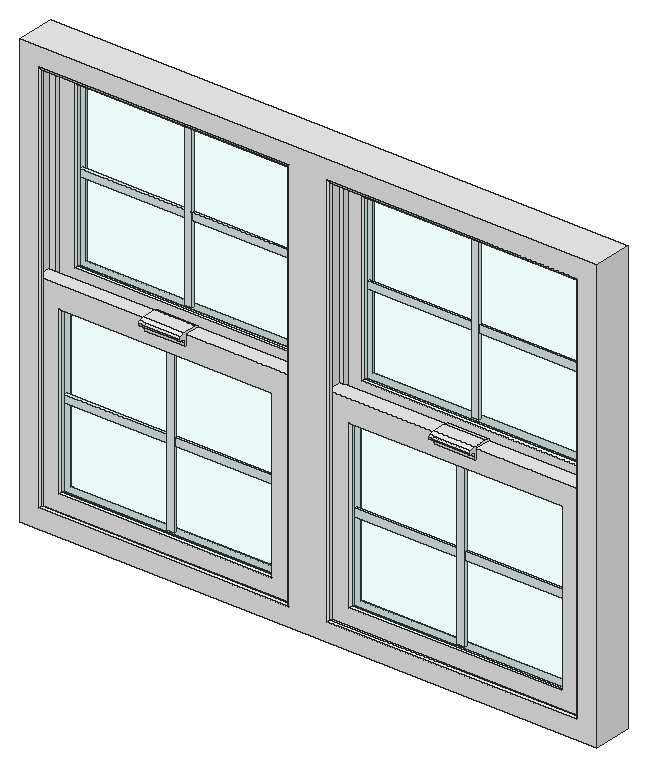
Revit family "Windows_Single-Hung_Milgard_Tuscany-Montecito-Series_Double-Single-Hung", category Windows, host Wall, Revit 2017
Family settings
  Host = Wall
  OmniClass Number = 23.30.20.17.17.11
  OmniClass Title = Single-Hung Windows
  Always vertical = Yes
  Cut with Voids When Loaded = No
  Shared = No
  Room Calculation Point = No
Parameters (values of type "48" x 36"")
  Youtube clip = "https://www.youtube.com/watch?v=kTycgURMhFo&list=PL_Ow8HQ0-gw77aRiTrPBSI0--vocwVnzV&index=1"
  Weight Net (Kg) = ""
  Uniformat II Description = "Exterior Windows"
  Uniformat II Code = "B2020"
  Uniclass 2015 Name = ""
  Uniclass 2015 Code = ""
  Uniclass 2.0 Description = ""
  Uniclass 2.0 Code = ""
  Uniclass 1.4 Description = ""
  Uniclass 1.4 Code = ""
  URL = "www.milgard.com"
  UNSPSC Code = ""
  U Values URL = "https://www.milgard.com/professionals/energy-calculator"
  Technical description = "https://www.milgard.com/professionals/technical-resources?doc_type%5B%5D=48"
  Style = "Double Single Hung"  # constant formula
  Solar Heat Gain Coefficient = 0.28
  Sash Division = Height / 2  # 18"
  Rough Width = Width + 1"  # 49"
  Rough Height = Height + 1"  # 37"
  Region South America = "None"
  Region Oceania = "None"
  Region North America = "CA, US"
  Region Middle East = "None"
  Region Europe = "None"
  Region Asia = "None"
  Region Antarctica = "None"
  Region Africa = "None"
  QR code = "http://bimobject.com/milgardwindowsanddoors/product/milgard-001"
  Product url = "http://www.milgard.com/windows/tuscany-series/tuscany-series-single-hung-window"
  Product group = "Tuscany??? Series"
  Product family = "Single-Hung Windows"
  Product data url = "https://bimobject.com/milgardwindowsanddoors/product/milgard-001"
  Product certification = "https://www.milgard.com/learn/why-milgard/sustainability"
  Product SKU = "milgard-001"
  Product Page URL = "https://www.milgard.com/windows/tuscany-series/tuscany-series-single-hung-window#series-styles--wrapper"
  Product Guid = "9f75bdfc-b521-4a0d-af9b-e80957409c86"
  Product Documentation Link = "https://www.milgard.com/professionals/technical-resources"
  OmniClass Description = "Windows"
  OmniClass Code = "23-17 13 00"
  Nominal width = 0"
  Nominal height = 0"
  NBS Reference Description = ""
  NBS Reference Code = ""
  Model = "Tuscany® Series"  # constant formula
  Material secondary = "Glass"
  Material main = "Vinyl"
  Masterformat 2014 Description = "Vinyl Windows"
  Masterformat 2014 Code = "08 53 13"
  Manufacturer name = "Milgard Windows and Doors"
  Manufacturer country = "United States"
  Manufacturer = "® 2017 Milgard Manufacturing, Inc."  # constant formula
  LEED Credit = ""
  Interior Frame Color [instance] = Paint-Milgard-White
  Installation instructions = "https://www.milgard.com/professionals/installation-finishing"
  IFC Classification = ""
  Height = 36"
  Has Grid [instance] = yes
  Hardware Color [instance] = Paint-Milgard-White
  Grid Type = Grid-Milgard : Flat
  Grid Color [instance] = Paint-Milgard-White
  Green Building LEED = "https://www.milgard.com/sites/default/files/leed.pdf"
  Glass Material [instance] = Glass-Milgard-P516
  Exterior Frame Color [instance] = Paint-Milgard-White
  Energy Star Zone = "https://www.milgard.com/learn/energy-efficient-windows/energy-star"
  Edition number = 1
  EAN code = ""
  Design country = "United States"
  Design Pressure = ""
  Description = "Vinyl Windows"  # constant formula
  Depth = 3 1/4"  # constant formula
  Default Sill Height = 36"
  Wall Closure = By host
  Width = 48"
  Date of publishing = "1/17/2017"
  COBIe Type Category = ""
  Brand url = "http://www.milgard.com/"
  BIMobject category = "Opening Hinge"
  Assembly Code = ""
  Analytic Construction = "<None>"
Types (3): name | Sash Division | Rough Width | Rough Height | Height | Width
  48" x 36" | 18" | 49" | 37" | 36" | 48"
  66" x 60" | 33" | 61" | 67" | 66" | 60"
  96" x 90" | 48" | 91" | 97" | 96" | 90"
Reference planes (in)
  plane 1 "Center (Front/Back)": y = 0
  plane 2: z = 0
  plane 3 "Center (Left/Right)": x = 0
  plane 4 "Left": x = -24
  plane 5 "Right": x = 24
  plane 6 "Sill": z = 36
  plane 7 "Top": z = 72
  plane 8: z = 54
  plane 9 "Interior": y = -1.625
  plane 10 "Exterior": y = 1.625
  plane 11: z = 52.75
  plane 12: x = 20.875
  plane 13 "Top Muntin": z = 68.875
  plane 14: z = 55.25
  plane 15 "Middle Mullion 2": x = 1.75
  plane 16 "Middle Mullion 1": x = -1.75
  plane 17 "Exterior Grid CL": y = 0.908
  plane 18 "Interior Grid CL": y = -0.743
  plane 19 "Bottom Muntin": z = 39.125
  plane 20: z = 70.779
  plane 21: z = 37.221
  plane 22: x = -20.875
  plane 23: x = -22.779
  plane 24: x = 22.779
  plane 25: x = 1.105
  plane 26: x = -1.105
  plane 27: z = 53.34619
  plane 28: z = 54.65381
Forms (in)
  Sweep 1, solid, material "Paint-Milgard-White" <- "Exterior Frame Color", detail levels medium+fine
    path origin (0, 0, 0) x (1, 0, 0) y (0, 0, 1)
      loop
        line (-24, 36) -> (24, 36) -> (24, 72) -> (-24, 72) -> (-24, 36)
    profile origin (-24, 0, 54) x (-1, 0, 0) y (0, -1, 0)
      loop
        line (-1.72, 1.38) -> (-1.1245, 1.38) -> (-1.1245, 0.025) -> (-1.72, 0.025) -> (-1.72, -0.27) -> (-1.095, -0.27) -> (-1.095, -0.97618) -> (-0.7204, -1.625) -> (0, -1.625) -> (0, 1.625) -> (-1.54679, 1.625) -> (-1.72, 1.525) -> (-1.72, 1.38)
  Extrusion 2, solid, material "Paint-Milgard-White" <- "Exterior Frame Color", detail levels medium+fine
    sketch origin (0, 0, 0) x (1, 0, 0) y (0, 1, 0)
      loop
        line (1.75, -1.38) -> (1.3745, -1.38) -> (1.3745, -0.10548) -> (1.75, -0.10548) -> (1.75, 0.27) -> (1.105, 0.27) -> (1.105, 1.05482) -> (0.7504, 1.625) -> (-0.7504, 1.625) -> (-1.105, 1.05482) -> (-1.105, 0.27) -> (-1.75, 0.27) -> (-1.75, -0.10548) -> (-1.3745, -0.10548) -> (-1.3745, -1.38) -> (-1.75, -1.38) -> (-1.75, -1.525) -> (-1.57679, -1.625) -> (1.57679, -1.625) -> (1.75, -1.525) -> (1.75, -1.38)
    from 36 to 72
  Sweep 3, solid, material "Paint-Milgard-White" <- "Exterior Frame Color", detail levels coarse
    path in 3D
      loop
        line (24, -1.625, 36) -> (-24, -1.625, 36)
    profile origin (0, -1.625, 36) x (0, -1, 0) y (0, 0, 1)
      loop
        line (-3.25, 0) -> (0, 0) -> (0, 1.221) -> (-3.25, 1.221) -> (-3.25, 0)
  Sweep 4, solid, material "Paint-Milgard-White" <- "Exterior Frame Color", detail levels coarse
    path in 3D
      loop
        line (-24, 1.625, 72) -> (24, 1.625, 72)
    profile origin (0, 1.625, 72) x (0, 1, 0) y (0, 0, 1)
      loop
        line (0, 0) -> (-3.25, 0) -> (-3.25, -1.221) -> (0, -1.221) -> (0, 0)
  Sweep 5, solid, material "Paint-Milgard-White" <- "Exterior Frame Color", detail levels coarse
    path in 3D
      loop
        line (0.7504, 1.625, 71.2796) -> (0.7504, 1.625, 36.7204)
    profile origin (0.7504, 1.625, 54) x (0, 1, 0) y (-1, 0, 0)
      loop
        line (0, -0.9996) -> (0, 2.5004) -> (-3.25, 2.5004) -> (-3.25, -0.9996) -> (0, -0.9996)
      loop
        line (-3.25, 24.7504) -> (-3.25, 21.6254) -> (0, 21.6254) -> (0, 24.7504) -> (-3.25, 24.7504)
      loop
        line (-3.25, -20.1246) -> (-3.25, -23.2496) -> (0, -23.2496) -> (0, -20.1246) -> (-3.25, -20.1246)
Cuts and joins
  joined: Sweep 1, Extrusion 2
  joined: Sweep 3, Sweep 4, Sweep 5
Lines and regions (in)
  Opening 1
    outline origin (-60, -1.625, 0) x (1, 0, 0) y (0, 0, 1)
      loop
        line (36, 72) -> (36, 36) -> (84, 36) -> (84, 72) -> (36, 72)
  Masking region 1
    outline origin (0, 1.1585, 36) x (0, -1, 0) y (1, 0, 0)
      loop
        line (-0.4665, -24) -> (2.7835, -24) -> (2.7835, 24) -> (-0.4665, 24) -> (-0.4665, -24)
  symbolic lines
    curve 1: line (-22.28, 1.625, 36) -> (-22.28, -1.625, 36)
    curve 2: line (22.28, 1.625, 36) -> (22.28, -1.625, 36)
    curve 9: line (-1.75, -1.625, 0) -> (-1.75, 1.625, 0)
    curve 10: line (1.75, -1.625, 0) -> (1.75, 1.625, 0)
    curve 12: line (-22.28, 0, 0) -> (-1.75, 0, 0)
    curve 16: line (1.75, 0, 0) -> (22.28, 0, 0)
  symbolic lines, detail levels medium+fine
    curve 3: line (-22.28, 1.44922, 36) -> (-1.75, 1.44922, 36)
    curve 4: line (-22.28, -1.44922, 36) -> (-1.75, -1.44922, 36)
    curve 6: line (-20.875, 1.44922, 36) -> (-20.875, -1.44922, 36)
    curve 8: line (20.875, -1.625, 36) -> (20.875, 1.44922, 36)
    curve 11: line (-3.65381, 1.44922, 0) -> (-3.65381, -1.44922, 0)
    curve 13: line (1.75, 1.44922, 0) -> (22.28, 1.44922, 0)
    curve 14: line (1.75, -1.44922, 0) -> (22.28, -1.44922, 0)
    curve 15: line (3.654, 1.44922, 0) -> (3.654, -1.44922, 0)
  symbolic lines, detail levels fine
    curve 5: line (-20.875, 0.944, 36) -> (-3.65381, 0.944, 36)
    curve 7: line (-20.875, -0.793, 36) -> (-3.65381, -0.793, 36)
    curve 17: line (3.654, 0.908, 0) -> (20.875, 0.908, 0)
    curve 18: line (3.654, -0.743, 0) -> (20.875, -0.743, 0)
  sketch lines
    curve 19: line (24, -1.625, 36) -> (-24, -1.625, 36)
    curve 20: line (-24, 1.625, 72) -> (24, 1.625, 72)
    curve 21: line (0.7504, 1.625, 71.2796) -> (0.7504, 1.625, 36.7204)
Text (in)
  text "EXTERIOR" at (-61.17835, 22.13118, 0), in view "Ref. Level"
  text "INTERIOR" at (-61.17835, -12.83634, 0), in view "Ref. Level"
  text "Exterior" at (0, 43.65631, 123.19604), in view "Left"
  text "Exterior" at (0, 18.29385, 125.04747), in view "Right"
Dimensions and locks (in)
  equal spacing: plane 4 "Left", plane 3 "Center (Left/Right)", plane 5 "Right"
  "Width": plane 4 "Left" to plane 5 "Right"
  "Height": plane 6 "Sill" to plane 7 "Top"
  "Default Sill Height": plane 2 to plane 6 "Sill"
  "Sash Division": plane 8 to plane 6 "Sill"
  equal spacing: plane 10 "Exterior", plane 1 "Center (Front/Back)", plane 9 "Interior"
  "Depth": plane 10 "Exterior" to plane 9 "Interior"
  locked: plane 12 to plane 5 "Right" at 3.125
  locked: plane 7 "Top" to plane 13 "Top Muntin" at 3.125
  locked: Sweep 1 sketch curve to plane 10 "Exterior" at 3.25
  locked: Sweep 1 to curve 4 at 0.17578
  equal spacing: plane 16 "Middle Mullion 1", plane 3 "Center (Left/Right)", plane 15 "Middle Mullion 2"
  locked: plane 17 "Exterior Grid CL" to plane 10 "Exterior" at 0.717
  locked: plane 18 "Interior Grid CL" to plane 9 "Interior" at 0.882
  locked: plane 19 "Bottom Muntin" to plane 6 "Sill" at 3.125
  locked: plane 20 to plane 13 "Top Muntin" at 1.904
  locked: plane 19 "Bottom Muntin" to plane 21 at 1.904
  locked: plane 4 "Left" to plane 22 at 3.125
  locked: plane 24 to plane 12 at 1.904
  plane 14 to plane 28 to plane 8 to plane 27 to plane 11 = 0.59619" locked, 0.65381" locked, 0.65381" locked, 0.59619" locked
  plane 4 "Left" to plane 22 = 3 1/8"
  locked: plane 23 to plane 22 at 1.904
  equal spacing: plane 16 "Middle Mullion 1", plane 3 "Center (Left/Right)", plane 15 "Middle Mullion 2", locked at 1.75 each
  equal spacing: plane 25, plane 3 "Center (Left/Right)", plane 26, locked at 1.105 each
  locked: plane 4 "Left" to curve 1 at 1.72
  locked: curve 2 to plane 5 "Right" at 1.72
  curve 11 to plane 16 "Middle Mullion 1" = 1.90381"
  locked: plane 15 "Middle Mullion 2" to curve 15 at 1.904
  locked: plane 9 "Interior" to curve 14 at 0.17578
  locked: curve 13 to plane 10 "Exterior" at 0.17578
  aligned and locked: plane 7 "Top" to Opening 1 sketch curve
  aligned and locked: plane 6 "Sill" to Opening 1 sketch curve  (x2)
  aligned and locked: plane 5 "Right" to Opening 1 sketch curve
  aligned and locked: plane 4 "Left" to Opening 1 sketch curve
  aligned and locked: plane 7 "Top" to Sweep 1 sketch curve
  aligned and locked: Sweep 1 sketch curve to plane 4 "Left"
  aligned and locked: plane 5 "Right" to Sweep 1 sketch curve
  aligned and locked: Sweep 1 sketch curve to plane 6 "Sill"
  aligned and locked: host wall to plane 10 "Exterior"
  aligned: Masking region 1 to Sweep 1  (x4)
  aligned and locked: Sweep 1 to curve 2
  aligned and locked: Sweep 1 to curve 1  (x2)
  aligned and locked: curve 1 to curve 3
  aligned and locked: curve 3 to curve 6
  aligned and locked: curve 4 to curve 6
  aligned and locked: curve 6 to curve 7
  aligned: plane 14 to nested 2
  aligned: nested 3 to plane 11
  aligned: plane 13 "Top Muntin" to nested 3
  aligned: nested 2 to nested 1
  aligned and locked: nested 2 to nested 1  (x3)
  aligned and locked: nested 1 to nested 2
  aligned and locked: Extrusion 2 sketch curve to plane 10 "Exterior"
  aligned and locked: Extrusion 2 sketch curve to plane 9 "Interior"
  aligned and locked: Extrusion 2 to plane 7 "Top"
  aligned and locked: plane 6 "Sill" to Extrusion 2
  aligned: plane 17 "Exterior Grid CL" to nested 3
  aligned and locked: nested 2 to plane 18 "Interior Grid CL"
  aligned and locked: plane 17 "Exterior Grid CL" to nested 3
  aligned: nested 3 to cut or joined group of Sweep 1, Extrusion 2  (x2)
  aligned: nested 2 to plane 11
  aligned and locked: nested 5 to plane 18 "Interior Grid CL"
  aligned: cut or joined group of Sweep 1, Extrusion 2 to nested 5  (x2)
  aligned: nested 5 to plane 11  (x2)
  aligned and locked: nested 5 to nested 4  (x2)
  aligned: plane 14 to nested 6  (x3)
  aligned: plane 17 "Exterior Grid CL" to nested 6
  aligned: nested 6 to cut or joined group of Sweep 1, Extrusion 2
  aligned: nested 5 to cut or joined group of Sweep 1, Extrusion 2  (x2)
  aligned: cut or joined group of Sweep 1, Extrusion 2 to nested 6
  aligned: plane 19 "Bottom Muntin" to nested 5
  aligned: plane 13 "Top Muntin" to nested 6
  aligned: plane 20 to nested 6
  aligned and locked: plane 17 "Exterior Grid CL" to nested 6
  aligned: plane 25 to nested 6
  aligned: plane 26 to nested 3
  aligned: nested 6 to plane 24
  aligned: nested 5 to plane 24  (x4)
  aligned: nested 2 to plane 23
  aligned and locked: nested 4 to nested 5
  aligned: plane 21 to nested 2
  aligned: plane 27 to nested 3
  aligned: plane 27 to nested 6
  aligned: plane 28 to nested 5  (x2)
  aligned: plane 21 to nested 5
  aligned: plane 20 to nested 3
  aligned: plane 28 to nested 2
  aligned: nested 3 to plane 23
  aligned and locked: Masking region 1 sketch curve to plane 4 "Left"
  aligned and locked: plane 5 "Right" to Masking region 1 sketch curve
  aligned and locked: Masking region 1 sketch curve to plane 10 "Exterior"
  aligned and locked: plane 9 "Interior" to Masking region 1 sketch curve
  aligned and locked: curve 6 to plane 22
  aligned and locked: plane 12 to curve 8
  aligned and locked: plane 10 "Exterior" to curve 9
  aligned and locked: plane 9 "Interior" to curve 9
  aligned and locked: curve 9 to plane 16 "Middle Mullion 1"
  aligned and locked: plane 10 "Exterior" to curve 10
  aligned and locked: plane 9 "Interior" to curve 10
  aligned and locked: plane 15 "Middle Mullion 2" to curve 10
  aligned and locked: plane 16 "Middle Mullion 1" to curve 3
  aligned and locked: plane 16 "Middle Mullion 1" to curve 4
  aligned and locked: curve 3 to curve 11
  aligned and locked: curve 4 to curve 11
  aligned and locked: curve 1 to curve 12
  aligned and locked: plane 1 "Center (Front/Back)" to curve 12
  aligned and locked: curve 2 to curve 13
  aligned and locked: plane 15 "Middle Mullion 2" to curve 13
  aligned and locked: curve 2 to curve 14
  aligned and locked: curve 14 to curve 15
  aligned and locked: curve 2 to curve 16
  aligned and locked: plane 1 "Center (Front/Back)" to curve 16
  aligned and locked: curve 15 to curve 17
  aligned and locked: curve 8 to curve 17
  aligned and locked: curve 8 to curve 18
  aligned and locked: plane 17 "Exterior Grid CL" to curve 17
  aligned and locked: curve 18 to plane 18 "Interior Grid CL"
  aligned and locked: plane 16 "Middle Mullion 1" to curve 12
  aligned and locked: plane 9 "Interior" to curve 2
  aligned and locked: plane 9 "Interior" to curve 8
  aligned: nested 2 to cut or joined group of Sweep 1, Extrusion 2
  aligned and locked: nested 2 to nested 7  (x4)
  aligned and locked: nested 5 to nested 8  (x3)
  aligned and locked: nested 3 to nested 9  (x4)
  aligned and locked: nested 6 to nested 10  (x4)
  aligned and locked: nested 2 to plane 23
  aligned: plane 26 to nested 2
  aligned: plane 25 to nested 5
  aligned and locked: plane 26 to nested 3
  aligned and locked: nested 3 to plane 23
  aligned and locked: nested 6 to plane 24
  aligned and locked: nested 2 to cut or joined group of Sweep 1, Extrusion 2
  aligned and locked: plane 25 to nested 6
  aligned and locked: cut or joined group of Sweep 1, Extrusion 2 to nested 5
  aligned and locked: plane 27 to nested 3
  aligned and locked: plane 28 to nested 2
  aligned and locked: plane 21 to nested 2
  aligned and locked: plane 20 to nested 3
  aligned and locked: plane 20 to nested 6
  aligned and locked: plane 27 to nested 6
  aligned and locked: plane 28 to nested 5
  aligned and locked: plane 21 to nested 5
  aligned and locked: nested 5 to plane 24
  aligned and locked: cut or joined group of Sweep 1, Extrusion 2 to Sweep 4 sketch curve
  aligned and locked: Sweep 4 sketch curve to plane 10 "Exterior"
  aligned and locked: plane 9 "Interior" to Sweep 4 sketch curve
  aligned and locked: plane 20 to Sweep 4 sketch curve
  aligned and locked: Sweep 3 sketch curve to profile plane
  aligned and locked: Sweep 3 sketch curve to plane 9 "Interior"
  aligned and locked: plane 10 "Exterior" to Sweep 3 sketch curve
  aligned and locked: plane 21 to Sweep 3 sketch curve
  aligned and locked: plane 9 "Interior" to Sweep 5 sketch curve
  aligned and locked: Sweep 5 sketch curve to plane 15 "Middle Mullion 2"
  aligned and locked: Sweep 5 sketch curve to plane 16 "Middle Mullion 1"
  aligned and locked: Sweep 5 sketch curve to plane 10 "Exterior"
  aligned and locked: Sweep 5 sketch curve to plane 9 "Interior"  (x2)
  aligned and locked: plane 10 "Exterior" to Sweep 5 sketch curve  (x2)
  aligned and locked: plane 22 to Sweep 5 sketch curve
  aligned and locked: Sweep 5 sketch curve to plane 12
  aligned and locked: Sweep 5 sketch curve to Sweep 3
  aligned and locked: plane 4 "Left" to Sweep 5 sketch curve
  aligned and locked: plane 12 to nested 8
Automatic sketch dimensions
  Extrusion 2 sketch curve to plane 16 "Middle Mullion 1" = 0"  (x2)
  Extrusion 2 sketch curve to plane 15 "Middle Mullion 2" = 0"  (x2)
  Extrusion 2 sketch curve to plane 16 "Middle Mullion 1" = 0.17321"
  plane 1 "Center (Front/Back)" to Extrusion 2 sketch curve = 27/256"  (x2)
  Extrusion 2 sketch curve to Extrusion 2 sketch curve = 0.3755"  (x2)
  Extrusion 2 sketch curve to Extrusion 2 sketch curve = 0.2695"
  Extrusion 2 sketch curve to Extrusion 2 sketch curve = 0.3546"  (x2)
  Extrusion 2 sketch curve to plane 17 "Exterior Grid CL" = 0.14682"  (x2)
  Extrusion 2 sketch curve to plane 15 "Middle Mullion 2" = 0.645"
  Extrusion 2 sketch curve to plane 15 "Middle Mullion 2" = 0.17321"
  plane 9 "Interior" to Extrusion 2 sketch curve = 0.1"  (x2)
  plane 9 "Interior" to Extrusion 2 sketch curve = 0.245"
  Extrusion 2 sketch curve to Extrusion 2 sketch curve = 0.145"
  Extrusion 2 sketch curve to plane 1 "Center (Front/Back)" = 0.27"  (x2)
  Sweep 1 sketch curve to profile plane = 0"
  profile plane to Sweep 1 sketch curve = 0.7204"
  Sweep 1 sketch curve to plane 1 "Center (Front/Back)" = 0.27"
  profile plane to Sweep 1 sketch curve = 1.095"
  profile plane to Sweep 1 sketch curve = 1.1245"
  Sweep 1 sketch curve to Sweep 1 sketch curve = 0.42229"
  Sweep 1 sketch curve to Sweep 1 sketch curve = 0.17321"
  Sweep 1 sketch curve to Sweep 1 sketch curve = 5/8"
  Sweep 1 sketch curve to Sweep 1 sketch curve = 0.70618"
  Sweep 1 sketch curve to Sweep 1 sketch curve = 0.64882"
  plane 1 "Center (Front/Back)" to Sweep 1 sketch curve = 0.025"
  Sweep 1 sketch curve to Sweep 1 sketch curve = 0.145"
  Sweep 1 sketch curve to Sweep 1 sketch curve = 0.1"
  curve 6 to host wall = 45/256"
  curve 8 to host wall = 45/256"
  curve 5 to plane 17 "Exterior Grid CL" = 0.036"
  curve 7 to plane 18 "Interior Grid CL" = 0.05"
  plane 16 "Middle Mullion 1" to curve 5 = 1.90381"
  curve 7 to curve 5 = 0"
Nested families (in)
  nested 1: "Lock-Streamlined" at (-12.07675, -1.37972, 54.65381), Hardware Color <- "Hardware Color", type "By type", detail levels fine
    with Hardware Color Paint-Milgard-White
  nested 2: "Sash-Milgard-Single _Hung" at (-12.07675, -0.743, 45.9374) x (1, 0, 0) z (0, -1, 0), Sash Color <- "Interior Frame Color", type "By type"
    with Width 21.4045", Sash Color Paint-Milgard-White, Height 17.43281", Grid Width 17.6545", Grid Height 13.93281", Depth 1 35/128"
  nested 3: "Sash-Milgard-Single _Hung" at (-11.942, 0.908, 62.0626) x (1, 0, 0) z (0, -1, 0), Sash Color <- "Interior Frame Color", type "By type"
    with Width 21.674", Sash Color Paint-Milgard-White, Height 17.43281", Grid Width 17.924", Grid Height 13.93281", Depth 1 35/128"
  nested 4: "Lock-Streamlined" at (12.07675, -1.37972, 54.65381), Hardware Color <- "Hardware Color", type "By type", detail levels fine
    with Hardware Color Paint-Milgard-White
  nested 5: "Sash-Milgard-Single _Hung" at (12.07675, -0.743, 45.9374) x (1, 0, 0) z (0, -1, 0), Sash Color <- "Interior Frame Color", type "By type"
    with Width 21.4045", Sash Color Paint-Milgard-White, Height 17.43281", Grid Width 17.6545", Grid Height 13.93281", Depth 1 35/128"
  nested 6: "Sash-Milgard-Single _Hung" at (11.942, 0.908, 62.0626) x (1, 0, 0) z (0, -1, 0), Sash Color <- "Interior Frame Color", type "By type"
    with Width 21.674", Sash Color Paint-Milgard-White, Height 17.43281", Grid Width 17.924", Grid Height 13.93281", Depth 1 35/128"
  nested 7: "Grid-Milgard" at (-12.07675, -0.743, 45.9374) x (1, 0, 0) z (0, -1, 0), type <- "Grid Type", Grid Material <- "Grid Color", visible <- "Has Grid", type "Flat"
    with Y Single Grid yes, Y Multiple Grid no, Y Grid Spacing 10", Y Grid Qty 1, Y Grid Location 0", Y Grid Array 2, X Single Grid yes, X Multiple Grid no, X Grid Spacing 10", X Grid Qty 1, X Grid Location 0", X Grid Array 2, Width 17.59689", Height 13.62519", Grid Material Paint-Milgard-White
  nested 8: "Grid-Milgard" at (12.07665, -0.743, 45.9374) x (1, 0, 0) z (0, -1, 0), type <- "Grid Type", Grid Material <- "Grid Color", visible <- "Has Grid", type "Flat"
    with Y Single Grid yes, Y Multiple Grid no, Y Grid Spacing 10", Y Grid Qty 1, Y Grid Location 0", Y Grid Array 2, X Single Grid yes, X Multiple Grid no, X Grid Spacing 10", X Grid Qty 1, X Grid Location 0", X Grid Array 2, Width 17.59669", Height 13.62519", Grid Material Paint-Milgard-White
  nested 9: "Grid-Milgard" at (-11.942, 0.908, 62.0626) x (1, 0, 0) z (0, -1, 0), type <- "Grid Type", Grid Material <- "Grid Color", visible <- "Has Grid", type "Flat"
    with Y Single Grid yes, Y Multiple Grid no, Y Grid Spacing 10", Y Grid Qty 1, Y Grid Location 0", Y Grid Array 2, X Single Grid yes, X Multiple Grid no, X Grid Spacing 10", X Grid Qty 1, X Grid Location 0", X Grid Array 2, Width 17.86639", Height 13.62519", Grid Material Paint-Milgard-White
  nested 10: "Grid-Milgard" at (11.942, 0.908, 62.0626) x (1, 0, 0) z (0, -1, 0), type <- "Grid Type", Grid Material <- "Grid Color", visible <- "Has Grid", type "Flat"
    with Y Single Grid yes, Y Multiple Grid no, Y Grid Spacing 10", Y Grid Qty 1, Y Grid Location 0", Y Grid Array 2, X Single Grid yes, X Multiple Grid no, X Grid Spacing 10", X Grid Qty 1, X Grid Location 0", X Grid Array 2, Width 17.86639", Height 13.62519", Grid Material Paint-Milgard-White
Definition of nested family "Lock-Streamlined"
  Parameters
    Hardware Color [instance] = none
    Default Elevation = 48"
    Assembly Code = ""
  Reference planes (in)
    plane 1 "Center (Front/Back)": y = 0
    plane 2: z = 0
    plane 3 "Center (Left/Right)": x = 0
  Forms (in)
    Extrusion 1, solid, material <- "Hardware Color"
      sketch origin (0, 0, 0) x (0, 1, 0) y (0, 0, 1)
        loop
          line (1.289, 0) -> (1.289, 0.1) -> (1.02348, 0.19834) -> (-0.16402, 0.19834) -> (-0.53109, 0.04253)
          arc (-0.53109, 0.04253) -> (-0.61252, -0.02474) -> (-0.64397, -0.12558) r 0.1853
          arc (-0.64397, -0.12558) -> (-0.60725, -0.24624) -> (-0.49642, -0.30645) r 0.16635
          line (-0.49642, -0.30645) -> (-0.17485, -0.30645)
          arc (-0.17485, -0.30645) -> (-0.13606, -0.32252) -> (-0.12, -0.3613) r 0.05485
          line (-0.12, -0.3613) -> (-0.12, -0.59691) -> (-0.07, -0.86691) -> (0, -0.86691) -> (0, 0) -> (1.289, 0)
      from -1.69 to 1.69
Definition of nested family "Sash-Milgard-Single _Hung"
  Parameters (values of type "By type")
    Width [instance] = 48"
    Sash Color [instance] = none
    Height [instance] = 48"
    Grid Width [instance] = Width - 3 3/4"  # 44 1/4"
    Grid Height [instance] = Height - 3 1/2"  # 44 1/2"
    Glass Material = none
    Depth [instance] = 1 35/128"
    Default Elevation = 48"
    Assembly Code = ""
    Analytic Construction = "<None>"
  Reference planes (in)
    plane 1 "Center (Front/Back)": y = 0
    plane 2: z = 0
    plane 3 "Center (Left/Right)": x = 0
    plane 4 "Left": x = -24
    plane 5 "Right": x = 24
    plane 6 "Top": y = 24
    plane 7 "Bottom": y = -24
    plane 8 "Front": z = 0.63672
    plane 9 "Back": z = -0.63672
    plane 10: y = 22.60727
    plane 11: y = -22.60727
    plane 12: x = 22.60727
    plane 13: x = -22.60727
    plane 14 "Grid Plane 1": x = -22.09619
    plane 15 "Grid Plane 2": x = 22.09619
    plane 16 "Grid Plane 3": y = 22.09619
    plane 17 "Grid Plane 4": y = -22.09619
  Forms (in)
    Sweep 1, solid, material <- "Sash Color"
      path origin (0, 0, 0) x (1, 0, 0) y (0, 1, 0)
        loop
          line (-24, 24) -> (-24, -24) -> (24, -24) -> (24, 24) -> (-24, 24)
      profile origin (-24, 0, 0) x (1, 0, 0) y (0, 0, 1)
        loop
          line (0, 0.63672) -> (0, -0.63672) -> (1.80668, -0.63672) -> (1.91032, -0.4572) -> (1.39273, -0.4572) -> (1.39273, 0.48759) -> (1.90381, 0.48759) -> (1.81771, 0.63672) -> (0, 0.63672)
    Extrusion 2, solid, material <- "Glass Material"
      sketch origin (0, 0, 0) x (0, 1, 0) y (0, 0, 1)
        loop
          line (22.60727, 0.48759) -> (-22.60727, 0.48759) -> (-22.60727, 0.36259) -> (22.60727, 0.36259) -> (22.60727, 0.48759)
        loop
          line (22.60727, -0.4572) -> (22.60727, -0.3322) -> (-22.60727, -0.3322) -> (-22.60727, -0.4572) -> (22.60727, -0.4572)
      from -22.60727 to 22.60727
  Dimensions and locks (in)
    equal spacing: plane 4 "Left", plane 3 "Center (Left/Right)", plane 5 "Right"
    "Width": plane 4 "Left" to plane 5 "Right"
    equal spacing: plane 8 "Front", level, plane 9 "Back"
    "Depth": plane 8 "Front" to plane 9 "Back"
    equal spacing: plane 6 "Top", plane 1 "Center (Front/Back)", plane 7 "Bottom"
    "Height": plane 6 "Top" to plane 7 "Bottom"
    Extrusion 2 sketch curve to Sweep 1 = 1/8"  (x2)
    locked: plane 6 "Top" to plane 10 at 1.39273
    locked: plane 11 to plane 7 "Bottom" at 1.39273
    locked: plane 12 to plane 5 "Right" at 1.39273
    locked: plane 4 "Left" to plane 13 at 1.39273
    locked: plane 13 to plane 14 "Grid Plane 1" at 0.51107
    locked: plane 15 "Grid Plane 2" to plane 12 at 0.51107
    locked: plane 10 to plane 16 "Grid Plane 3" at 0.51107
    locked: plane 17 "Grid Plane 4" to plane 11 at 0.51107
    aligned and locked: profile plane to Sweep 1 sketch curve
    aligned and locked: Sweep 1 to plane 8 "Front"
    aligned and locked: Sweep 1 to plane 9 "Back"
    aligned and locked: Sweep 1 sketch curve to plane 6 "Top"
    aligned and locked: Sweep 1 sketch curve to plane 7 "Bottom"
    aligned and locked: Sweep 1 sketch curve to plane 4 "Left"
    aligned and locked: Sweep 1 sketch curve to plane 5 "Right"
    aligned and locked: plane 10 to Extrusion 2  (x2)
    aligned and locked: Extrusion 2 to plane 11  (x2)
    aligned and locked: plane 13 to Extrusion 2
    aligned and locked: plane 12 to Extrusion 2
  Automatic sketch dimensions
    level to Sweep 1 sketch curve = 0.48759"
    Sweep 1 sketch curve to profile plane = 1.39273"
    Sweep 1 sketch curve to level = 163/256"
    Sweep 1 sketch curve to Sweep 1 sketch curve = 0.41395"
    Sweep 1 sketch curve to Sweep 1 sketch curve = 0.42497"
    Sweep 1 sketch curve to Sweep 1 sketch curve = 0.0861"
    Sweep 1 sketch curve to level = 0.4572"
    Sweep 1 sketch curve to Sweep 1 sketch curve = 0.10364"
    Sweep 1 sketch curve to Sweep 1 sketch curve = 0.14913"
    Extrusion 2 sketch curve to plane 11 = 0"  (x2)
    Extrusion 2 sketch curve to plane 10 = 0"  (x2)
    Extrusion 2 sketch curve to Extrusion 2 sketch curve = 1/8"  (x2)
Definition of nested family "Grid-Milgard"
  Parameters
    Y Single Grid [instance] = Y Grid Qty = 1  # no
    Y Multiple Grid [instance] = Y Grid Qty > 1  # yes
    Y Grid Spacing [instance] = 10"
    Y Grid Qty [instance] = if(Height < 15", (Height / Y Grid Spacing), (Height / Y Grid Spacing) - 1)  # 3
    Y Grid Location [instance] = ((Y Grid Qty - 1) * Y Grid Spacing) / 2  # 10"
    Y Grid Array [instance] = if(Y Grid Qty = 1, Y Grid Qty + 1, Y Grid Qty)  # 3
    X Single Grid [instance] = X Grid Qty = 1  # no
    X Multiple Grid [instance] = X Grid Qty > 1  # yes
    X Grid Spacing [instance] = 10"
    X Grid Qty [instance] = if(Width < 15", (Width / X Grid Spacing), (Width / X Grid Spacing) - 1)  # 3
    X Grid Location [instance] = ((X Grid Qty - 1) * X Grid Spacing) / 2  # 10"
    X Grid Array [instance] = if(X Grid Qty = 1, X Grid Qty + 1, X Grid Qty)  # 3
    Width [instance] = 40"
    Height [instance] = 40"
    Grid Option = Grid_Bar-Milgard-Simulated_Divided_Lite : 7/8"
    Grid Material [instance] = none
    Default Elevation = 48"
    Assembly Code = ""
  Reference planes (in)
    plane 1 "Center (Front/Back)": y = 0
    plane 2: z = 0
    plane 3 "Center (Left/Right)": x = 0
    plane 4 "Left": x = -20
    plane 5 "Right": x = 20
    plane 6 "Top": y = 20
    plane 7 "Bottom": y = -20
  Dimensions and locks (in)
    equal spacing: plane 4 "Left", plane 3 "Center (Left/Right)", plane 5 "Right"
    equal spacing: plane 6 "Top", plane 1 "Center (Front/Back)", plane 7 "Bottom"
    "Width": plane 4 "Left" to plane 5 "Right"
    "Height": plane 6 "Top" to plane 7 "Bottom"
    equal spacing: group 1, group 2, group 5  (x3)
    "X Grid Spacing": nested 1 to nested 3
    equal spacing: group 3, group 4, group 6  (x2)
    equal spacing: group 6, group 4, group 3
    "Y Grid Location": plane 1 "Center (Front/Back)" to nested 2
    "Y Grid Spacing": nested 4 to nested 2
    "X Grid Location": nested 1 to plane 3 "Center (Left/Right)"
    aligned and locked: nested 1 to plane 1 "Center (Front/Back)"
    aligned and locked: plane 3 "Center (Left/Right)" to nested 2
    aligned and locked: nested 3 to plane 1 "Center (Front/Back)"
    aligned and locked: plane 1 "Center (Front/Back)" to nested 5
    aligned and locked: plane 4 "Left" to nested 5
    aligned and locked: plane 5 "Right" to nested 5
    aligned and locked: plane 6 "Top" to nested 6
    aligned and locked: plane 3 "Center (Left/Right)" to nested 6
    aligned and locked: plane 4 "Left" to nested 7
    aligned and locked: plane 5 "Right" to nested 7
    aligned and locked: plane 4 "Left" to nested 8
    aligned and locked: plane 5 "Right" to nested 8
    aligned and locked: plane 1 "Center (Front/Back)" to nested 8
    aligned and locked: nested 9 to plane 6 "Top"
    aligned and locked: nested 9 to plane 3 "Center (Left/Right)"
    aligned and locked: plane 1 "Center (Front/Back)" to nested 7
    aligned and locked: nested 10 to plane 6 "Top"
    aligned and locked: nested 10 to plane 3 "Center (Left/Right)"
  Nested families (in)
    nested 1: "Grid_Bar-Milgard-Simulated_Divided_Lite" at (-10, 0, 0) x (0, 1, 0) z (0, 0, 1), Grid Length <- "Height", visible <- "X Multiple Grid", type <- "Grid Option", type "7/8""
      with Grid Length 40"
    nested 2: "Grid_Bar-Milgard-Simulated_Divided_Lite" at (0, 10, 0), Grid Length <- "Width", visible <- "Y Multiple Grid", type <- "Grid Option", type "7/8""
      with Grid Length 40"
    nested 3: "Grid_Bar-Milgard-Simulated_Divided_Lite" at (0, 0, 0) x (0, 1, 0) z (0, 0, 1), Grid Length <- "Height", visible <- "X Multiple Grid", type <- "Grid Option", type "7/8""
      with Grid Length 40"
    nested 4: "Grid_Bar-Milgard-Simulated_Divided_Lite" at (0, 0, 0), Grid Length <- "Width", visible <- "Y Multiple Grid", type <- "Grid Option", type "7/8""
      with Grid Length 40"
    nested 5: "Grid_Bar-Milgard-Simulated_Divided_Lite" at (0, 0, 0), visible <- "Y Single Grid", Grid Length <- "Width", type <- "Grid Option", type "7/8""
      with Grid Length 40"
    nested 6: "Grid_Bar-Milgard-Simulated_Divided_Lite" at (0, 0, 0) x (0, 1, 0) z (0, 0, 1), visible <- "X Single Grid", type <- "Grid Option", Grid Length <- "Height", type "7/8""
      with Grid Length 40"
    nested 7: "Grid_Bar-Milgard-Simulated_Divided_Lite" at (0, 0, 0), visible <- "Y Single Grid", Grid Length <- "Width", type <- "Grid Option", type "7/8""
      with Grid Length 40"
    nested 8: "Grid_Bar-Milgard-Simulated_Divided_Lite" at (0, 0, 0), Grid Length <- "Width", visible <- "Y Single Grid", type <- "Grid Option", type "7/8""
      with Grid Length 40"
    nested 9: "Grid_Bar-Milgard-Simulated_Divided_Lite" at (0, 0, 0) x (0, -1, 0) z (0, 0, 1), Grid Length <- "Height", visible <- "X Single Grid", type <- "Grid Option", type "7/8""
      with Grid Length 40"
    nested 10: "Grid_Bar-Milgard-Simulated_Divided_Lite" at (0, 0, 0) x (0, -1, 0) z (0, 0, 1), visible <- "X Single Grid", Grid Length <- "Height", type <- "Grid Option", type "7/8""
      with Grid Length 40"
    nested 11: "Grid_Bar-Milgard-Simulated_Divided_Lite" at (10, 0, 0) x (0, 1, 0) z (0, 0, 1), Grid Length <- "Height", visible <- "X Multiple Grid", type <- "Grid Option", type "7/8""
      with Grid Length 40"
    nested 12: "Grid_Bar-Milgard-Simulated_Divided_Lite" at (0, -10, 0), Grid Length <- "Width", visible <- "Y Multiple Grid", type <- "Grid Option", type "7/8""
      with Grid Length 40"
  Definition of nested family "Grid_Bar-Milgard-Simulated_Divided_Lite"
    Parameters
      Grid Material = none
      Grid Length [instance] = 46 1/2"
      Grid Height = 7/8"
      Grid Depth = 1 51/256"
      Default Elevation = 48"
      Assembly Code = ""
    Reference planes (in)
      plane 1 "Center (Front/Back)": y = 0
      plane 2: z = 0
      plane 3 "Center (Left/Right)": x = 0
      plane 4 "Left": x = -23.25
      plane 5 "Right": x = 23.25
      plane 6: y = 0.4375
      plane 7: y = -0.4375
      plane 8: z = 0.59961
      plane 9: z = -0.59961
    Forms (in)
      Sweep 1, solid, material <- "Grid Material"
        path origin (0, 0, 0) x (1, 0, 0) y (0, 1, 0)
          loop
            line (-23.25, 0) -> (23.25, 0)
        profile origin (0, 0, 0) x (0, 1, 0) y (0, 0, 1)
          loop
            line (0.4375, 0.59961) -> (-0.4375, 0.59961) -> (-0.4375, -0.59961) -> (0.4375, -0.59961) -> (0.4375, 0.59961)
    Lines and regions (in)
      symbolic lines, detail levels coarse+medium
        curve 1: line (-23.25, 0, 0) -> (23.25, 0, 0)
      symbolic lines, detail levels fine
        curve 2: line (-23.25, 0.4375, 0) -> (23.25, 0.4375, 0)
        curve 3: line (-23.25, -0.4375, 0) -> (23.25, -0.4375, 0)
    Dimensions and locks (in)
      equal spacing: plane 4 "Left", plane 3 "Center (Left/Right)", plane 5 "Right"
      "Grid Length": plane 4 "Left" to plane 5 "Right"
      equal spacing: plane 6, plane 1 "Center (Front/Back)", plane 7
      equal spacing: plane 8, plane 2, plane 9
      "Grid Height": plane 6 to plane 7
      "Grid Depth": plane 8 to plane 9
      aligned and locked: plane 6 to Sweep 1 sketch curve
      aligned and locked: Sweep 1 sketch curve to plane 7
      aligned and locked: Sweep 1 sketch curve to plane 8
      aligned and locked: plane 9 to Sweep 1 sketch curve
      aligned and locked: plane 4 "Left" to curve 1
      aligned and locked: plane 5 "Right" to curve 1
      aligned and locked: plane 1 "Center (Front/Back)" to curve 1
      aligned and locked: plane 4 "Left" to curve 2
      aligned and locked: plane 4 "Left" to curve 3
      aligned and locked: plane 5 "Right" to curve 2
      aligned and locked: plane 5 "Right" to curve 3
      aligned and locked: plane 6 to curve 2
      aligned and locked: plane 7 to curve 3
    Automatic sketch dimensions
      plane 1 "Center (Front/Back)" to Sweep 1 sketch curve = 0"
      Sweep 1 sketch curve to plane 4 "Left" = 0"
      Sweep 1 sketch curve to plane 5 "Right" = 0"
